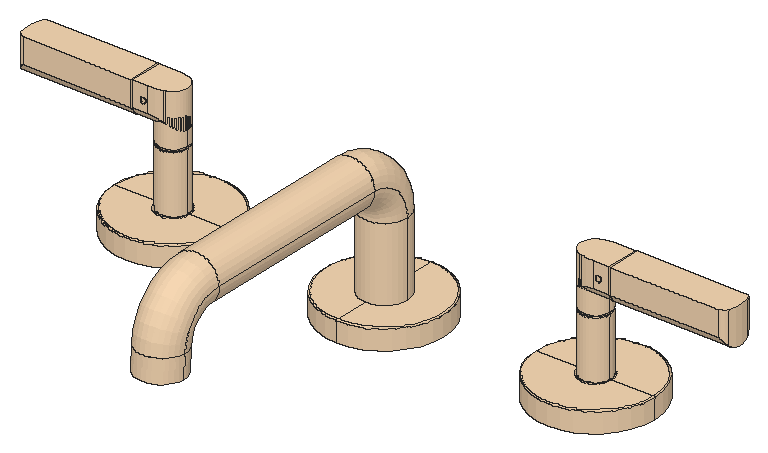
Revit family "Faucet-Lavatory-KALLISTA-One_Nazare-P23320_1", category Plumbing Fixtures, host Face, Revit 2022
Family settings
  Host = Face
  Round Connector Dimension = Use Diameter
  Part Type = Normal
  OmniClass Number = 23.31.11.00
  Cut with Voids When Loaded = No
  Maintain Annotation Orientation = No
  Shared = No
  Room Calculation Point = No
Parameters (values of type "2MB-Brushed Brass")
  Width [instance] = Faucet Hole Spacing  # 8"
  WaterSense Certified = 1 = 1  # yes
  Waste Water Outlet = "Waste Water Outlet"  # constant formula
  Waste Connection = 1 = 0  # no
  Vent Connection = 1 = 0  # no
  URL = "https://www.kallista.com/"
  Type = 4
  Spout Reach = 5.31102"  # constant formula
  Product Page URL = ""
  Product Name = "One Nazare"  # constant formula
  Product Documentation Link = "https://resources.kohler.com/interiors/kallista/pdf/1374844-4.pdf"
  Pressure = 60.00 psi  # constant formula
  Model = if(Type = 1, "P23320-LV-CP", if(Type = 2, "P23320-LV-BAF", if(Type = 3, "P23320-LV-SN", if(Type = 4, "P23320-LV-2MB", "NA"))))  # "P23320-LV-2MB"
  Material = "Premium Metal Construction"  # constant formula
  Master Format 2014 Name = "Residential Faucets, Supplies, and Trim"  # constant formula
  Master Format 2014 = "22 41 39"  # constant formula
  Manufacturer Address = "444 Highland Dr, Kohler, WI 53044"  # constant formula
  Manufacturer = "Kallista Co."  # constant formula
  Length = Spout Reach  # 5.31102"
  Hot Water Inlet = "Hot Water Inlet"  # constant formula
  Height = 3.01575"  # constant formula
  Handle Height = 2.52362"  # constant formula
  Handle Clearance = 2.72835"  # constant formula
  HW Connection = 1 = 1  # yes
  Flow Rate = 1.2 GPM  # constant formula
  Finish = Kallista-Metal-2MB- Brushed_Brass
  Faucet Hole Spacing [instance] = 8"
  Environmental Product Declaration = ""
  Drain Included = 1 = 1  # yes
  Description = "Sink Faucet, Low Spout, Lever Handles"  # constant formula
  Default Elevation = 36"
  Declare Label = ""
  Date Modified = "10/11/2024"  # constant formula
  Date Created = "01/04/2022"  # constant formula
  Copyright = "Copyright Kallista Co."  # constant formula
  Contact Us = "https://www.kallista.com/corporate/contact-us/"
  Cold Water Inlet = "Cold Water Inlet"  # constant formula
  CW Connection = 1 = 1  # yes
  Assembly Code = "D2010"
  ADA Compliant = 1 = 1  # yes
Types (5): name | Type | Product Page URL | Model | Finish
  (no name) | 4 | "" | "P23320-LV-2MB" | Kallista-Metal-2MB- Brushed_Brass
  CP-Chrome | 1 | "https://www.kallista.com/products/luxury-bathroom/faucets/sink-faucets/one-nazar%C3%A9-sink-faucet-low-spout-lever-handles-p23320-lv/cp-chrome" | "P23320-LV-CP" | Kallista-Metal-CP-Chrome
  BAF-Brushed French Gold | 2 | "https://www.kallista.com/products/luxury-bathroom/faucets/sink-faucets/one-nazar%C3%A9-sink-faucet-low-spout-lever-handles-p23320-lv/baf-brushed-french-gold" | "P23320-LV-BAF" | Kallista-Metal-BAF-Brushed_French_Gold
  SN-Polished Nickel | 3 | "https://www.kallista.com/products/luxury-bathroom/faucets/sink-faucets/one-nazar%C3%A9-sink-faucet-low-spout-lever-handles-p23320-lv/sn-polished-nickel" | "P23320-LV-SN" | Kallista-Metal-SN-Polished_Nickel
  2MB-Brushed Brass | 4 | "" | "P23320-LV-2MB" | Kallista-Metal-2MB- Brushed_Brass
Reference planes (in)
  plane 1 "Center (Front/Back)": y = 0
  plane 2: z = 0
  plane 3 "Center (Left/Right)": x = 0
  plane 4: y = 1.12598
  plane 5: x = 1.12598
  plane 6: x = -1.12598
  plane 7: x = -2.87402
  plane 8: x = -5.12598
  plane 9: y = -1.12598
  plane 10: x = -4
  plane 11: x = -6.72835
  plane 12: x = 0.44094
  plane 13: x = -0.44094
  plane 14: y = -5.74803
  plane 15: y = 0.31335
  plane 16: y = -0.31335
  plane 17: x = 2.87402
  plane 18: x = 4
  plane 19: x = 5.12598
  plane 20: x = 6.72835
  plane 21: z = 2.52362
  plane 22: z = 0
  plane 23: z = 1.80709
  plane 24: z = 0.3937
  plane 25: x = 3.71999
  plane 26: x = 4.28001
  plane 27: x = -4.28001
  plane 28: x = -3.71999
  plane 29: y = -0.44094
  plane 30: y = 0.44094
  plane 31: z = 2.13386
  plane 32: y = -5.31102
  plane 33: z = 1.3622
  plane 34: z = 3.01575
Dimensions and locks (in)
  equal spacing: plane 10, plane 3 "Center (Left/Right)", plane 18
  locked: plane 24 to level at 0.3937
  "Length": plane 1 "Center (Front/Back)" to plane 32
  "Handle Height": plane 21 to level
  "Handle Clearance": plane 11 to plane 10
  "Handle Clearance": plane 18 to plane 20
  plane 4 to plane 9 = 2.25197"
  locked: plane 17 to plane 19 at 2.25197
  locked: plane 8 to plane 7 at 2.25197
  locked: plane 6 to plane 5 at 2.25197
  plane 4 to plane 14 = 6.87402"
  "Width": plane 10 to plane 18
  "Height": level to plane 34
  plane 1 "Center (Front/Back)" to plane 14 = 5.74803"
  plane 33 to level = 1.3622"
  plane 21 to plane 23 = 0.71654"
  plane 23 to level = 1.80709"
  plane 13 to plane 12 = 0.88189"
  equal spacing: plane 8, plane 10, plane 7
  equal spacing: plane 17, plane 18, plane 19
  equal spacing: plane 27, plane 10, plane 28
  equal spacing: plane 25, plane 18, plane 26
  locked: plane 26 to plane 25 at 0.56002
  locked: plane 27 to plane 28 at 0.56002
  aligned and locked: plane 2 to host face
  aligned and locked: level to host face
  aligned and locked: nested 2 to plane 10
  aligned and locked: nested 3 to plane 18
  aligned and locked: plane 3 "Center (Left/Right)" to nested 1
  aligned and locked: plane 1 "Center (Front/Back)" to nested 1
Automatic sketch dimensions
  host sketch curve to host sketch curve = 96"  (x2)
Nested families (in)
  nested 1: "P23320_Spout" at (0, 0, 0), type "P23320_Spout"
  nested 2: "P23320_Handle" at (-4, 0, 0), type "P23320_Handle"
  nested 3: "P23320_Handle" at (4, 0, 0) x (-1, 0, 0) z (0, 0, 1), type "P23320_Handle"
Connectors (in)
  piping at (-4, 0, 0), diameter 0.5, driven by "Flow Rate", driven by "Pressure", driven by "HW Connection", driven by "Hot Water Inlet"
    settings: on nested 2, index 1, connector inside diameter 24", connector length 0", flow factor 0, pipe flow 1.2 GPM, pressure drop 60.00 psi, fitting loss kfactor 0, connector angle 0.00°, fixture units 0, engagement length 0", angle of deflection 0.00°, flow configuration 1, flow direction 1, fitting loss method 4, system type 19, joint type 0, gender type 0, connector reference index -1, connector utility 1, adjustable connector no, is connector primary yes, connector description "Hot Water Inlet"
  piping at (4, 0, 0), diameter 0.5, driven by "Flow Rate", driven by "Pressure", driven by "CW Connection", driven by "Cold Water Inlet"
    settings: on nested 3, index 2, connector inside diameter 24", connector length 0", flow factor 0, pipe flow 1.2 GPM, pressure drop 60.00 psi, fitting loss kfactor 0, connector angle 0.00°, fixture units 0, engagement length 0", angle of deflection 0.00°, flow configuration 1, flow direction 1, fitting loss method 4, system type 20, joint type 0, gender type 0, connector reference index -1, connector utility 1, adjustable connector no, is connector primary no, connector description "Cold Water Inlet"
Definition of nested family "P23320_Spout"
  Parameters (values of type "P23320_Spout")
    Material = none
    Default Elevation = 0"
  Reference planes (in)
    plane 1 "Center (Front/Back)": y = 0
    plane 2: z = 0
    plane 3 "Center (Left/Right)": x = 0
    plane 4: x = 0.44094
    plane 5: x = -0.44094
    plane 6: x = -1.12598
    plane 7: x = 1.12598
    plane 8: y = 1.12598
    plane 9: y = -1.12598
    plane 10: y = -5.74803
    plane 11: z = 3.01575
    plane 12: z = 1.3622
    plane 13: y = -5.31102
    plane 14: z = 0.3937
    plane 15: y = 0.44094
    plane 16: y = -0.44094
    plane 17: z = 2.13386
    plane 18 "1": through (0, -5.72695, 1.38614) normal (0, -0.0523, -0.9986)
  Forms (in)
    Sweep 1, solid, material <- "Material", detail levels medium+fine
      path origin (0, -0.07639, -0.02763) x (0, 1, 0) y (0, 0, 1)
        loop
          line (-5.23168, 1.38763) -> (-5.20906, 1.81919)
          arc (-5.20906, 1.81919) -> (-4.9545, 2.37138) -> (-4.38976, 2.59669) r 0.82043
          line (-4.38976, 2.59669) -> (-0.71101, 2.59669)
          arc (-0.71101, 2.59669) -> (-0.15423, 2.36606) -> (0.07639, 1.80928) r 0.7874
          line (0.07639, 1.80928) -> (0.07639, 0.42133)
      profile origin (0, 0, 1.08768) x (1, 0, 0) y (0, 1, 0)
        loop
          circle (0, 0) r 0.44094
    Revolve 2, solid, material <- "Material", detail levels medium+fine
      sketch origin (0, 0, 0) x (0, 1, 0) y (0, 0, 1)
        loop
          line (0, 0) -> (1.12598, 0) -> (1.12598, 0.37402)
          arc (1.12598, 0.37402) -> (1.12022, 0.38794) -> (1.1063, 0.3937) r 0.01969
          line (1.1063, 0.3937) -> (0, 0.3937) -> (0, 0)
        axis (0, 0) -> (0, 0.3937)
      angle from 0 to 360
    Revolve 3, solid, material <- "Material", detail levels coarse
      sketch origin (0, 0, 0) x (0, 1, 0) y (0, 0, 1)
        loop
          line (0, 0) -> (1.12598, 0) -> (1.12598, 0.3937) -> (0, 0.3937) -> (0, 0)
        axis (0, 0) -> (0, 0.3937)
      angle from 0 to 360
    Sweep 4, solid, material <- "Material", detail levels coarse
      path origin (0, -0.07639, -0.02763) x (0, 1, 0) y (0, 0, 1)
        loop
          line (-5.23168, 1.38763) -> (-5.21173, 1.76822)
          arc (-5.21173, 1.76822) -> (-4.94048, 2.3566) -> (-4.33871, 2.59669) r 0.87422
          line (-4.33871, 2.59669) -> (-0.84871, 2.59669)
          arc (-0.84871, 2.59669) -> (-0.19456, 2.32573) -> (0.07639, 1.67158) r 0.9251
          line (0.07639, 1.67158) -> (0.07639, 0.42133)
      profile origin (0, 0, 1.01883) x (1, 0, 0) y (0, 1, 0)
        loop
          circle (0, 0) r 0.44094
    Extrusion 5, solid, detail levels medium+fine
      sketch origin (0, 0.05676, 1.08303) x (0, -0.99863, 0.052336) y (-1, 0, 0)
        loop
          line (5.32064, 0.3631) -> (5.32765, 0.32436)
          arc (5.32765, 0.32436) -> (5.38591, 0.32963) -> (5.44418, 0.32452) r 0.32963
          line (5.44418, 0.32452) -> (5.45109, 0.36328)
          arc (5.45109, 0.36328) -> (5.38585, 0.369) -> (5.32064, 0.3631) r 0.369
        loop
          arc (5.57456, 0.27063) -> (5.61944, 0.2331) -> (5.65697, 0.18822) r 0.32963
          line (5.65697, 0.18822) -> (5.68929, 0.2107)
          arc (5.68929, 0.2107) -> (5.64727, 0.26094) -> (5.59704, 0.30295) r 0.369
          line (5.59704, 0.30295) -> (5.57456, 0.27063)
        loop
          arc (5.71074, 0.05861) -> (5.71599, -0.00011) -> (5.7107, -0.05883) r 0.32963
          line (5.7107, -0.05883) -> (5.74944, -0.06585)
          arc (5.74944, -0.06585) -> (5.75536, -0.00027) -> (5.74954, 0.06532) r 0.369
          line (5.74954, 0.06532) -> (5.71074, 0.05861)
        loop
          arc (5.65722, -0.18786) -> (5.61907, -0.23346) -> (5.57335, -0.27146) r 0.32963
          line (5.57335, -0.27146) -> (5.59682, -0.3031)
          arc (5.59682, -0.3031) -> (5.64735, -0.26086) -> (5.68957, -0.2103) r 0.369
          line (5.68957, -0.2103) -> (5.65722, -0.18786)
        loop
          arc (5.44482, -0.3244) -> (5.38562, -0.32963) -> (5.32645, -0.32414) r 0.32963
          line (5.32645, -0.32414) -> (5.31929, -0.36285)
          arc (5.31929, -0.36285) -> (5.38638, -0.369) -> (5.45346, -0.36285) r 0.369
          line (5.45346, -0.36285) -> (5.44482, -0.3244)
        loop
          arc (5.19798, -0.27049) -> (5.15267, -0.23247) -> (5.11489, -0.18697) r 0.32963
          line (5.11489, -0.18697) -> (5.08247, -0.2093)
          arc (5.08247, -0.2093) -> (5.12479, -0.26027) -> (5.17554, -0.30284) r 0.369
          line (5.17554, -0.30284) -> (5.19798, -0.27049)
        loop
          arc (5.06219, -0.05973) -> (5.05673, -0.00007) -> (5.06216, 0.05959) r 0.32963
          line (5.06216, 0.05959) -> (5.02344, 0.06671)
          arc (5.02344, 0.06671) -> (5.01736, -0.00008) -> (5.02347, -0.06686) r 0.369
          line (5.02347, -0.06686) -> (5.06219, -0.05973)
        loop
          arc (5.11462, 0.18658) -> (5.15305, 0.23286) -> (5.19925, 0.27138) r 0.32963
          line (5.19925, 0.27138) -> (5.17691, 0.30379)
          arc (5.17691, 0.30379) -> (5.15016, 0.28349) -> (5.12537, 0.26085) r 0.369
          arc (5.12537, 0.26085) -> (5.10258, 0.23585) -> (5.08217, 0.20887) r 0.369
          line (5.08217, 0.20887) -> (5.11462, 0.18658)
      from -0.10785 to -0.00839
    Revolve 6, solid, detail levels medium+fine
      sketch origin (0, 0, 0) x (0, 1, 0) y (0, 0, 1)
        loop
          line (-5.31469, 1.42505) -> (-5.04463, 1.41089)
          arc (-5.04463, 1.41089) -> (-5.02213, 1.41967) -> (-5.01385, 1.44235) r 0.02932
          line (-5.01385, 1.44235) -> (-5.31296, 1.45802) -> (-5.31469, 1.42505)
        axis (-5.31296, 1.45802) -> (-5.31503, 1.41871)
      angle from 0 to 360
    Extrusion 7, solid, detail levels medium+fine
      sketch origin (0, 0.05676, 1.08303) x (0, -0.99863, 0.052336) y (-1, 0, 0)
        loop
          arc (5.32064, 0.3631) -> (5.24561, 0.3411) -> (5.17691, 0.30379) r 0.369
          line (5.17691, 0.30379) -> (5.19925, 0.27138)
          arc (5.19925, 0.27138) -> (5.26063, 0.30471) -> (5.32765, 0.32436) r 0.32963
          line (5.32765, 0.32436) -> (5.32064, 0.3631)
        loop
          arc (5.44418, 0.32452) -> (5.51229, 0.30463) -> (5.57456, 0.27063) r 0.32963
          line (5.57456, 0.27063) -> (5.59704, 0.30295)
          arc (5.59704, 0.30295) -> (5.52733, 0.34101) -> (5.45109, 0.36328) r 0.369
          line (5.45109, 0.36328) -> (5.44418, 0.32452)
        loop
          line (5.68929, 0.2107) -> (5.65697, 0.18822)
          arc (5.65697, 0.18822) -> (5.69083, 0.12631) -> (5.71074, 0.05861) r 0.32963
          line (5.71074, 0.05861) -> (5.74954, 0.06532)
          arc (5.74954, 0.06532) -> (5.72725, 0.14126) -> (5.68929, 0.2107) r 0.369
        loop
          line (5.74944, -0.06585) -> (5.7107, -0.05883)
          arc (5.7107, -0.05883) -> (5.69087, -0.12621) -> (5.65722, -0.18786) r 0.32963
          line (5.65722, -0.18786) -> (5.68957, -0.2103)
          arc (5.68957, -0.2103) -> (5.72724, -0.14128) -> (5.74944, -0.06585) r 0.369
        loop
          line (5.59682, -0.3031) -> (5.57335, -0.27146)
          arc (5.57335, -0.27146) -> (5.51191, -0.30479) -> (5.44482, -0.3244) r 0.32963
          line (5.44482, -0.3244) -> (5.45346, -0.36285)
          arc (5.45346, -0.36285) -> (5.52832, -0.3406) -> (5.59682, -0.3031) r 0.369
        loop
          line (5.31929, -0.36285) -> (5.32645, -0.32414)
          arc (5.32645, -0.32414) -> (5.25935, -0.30418) -> (5.19798, -0.27049) r 0.32963
          line (5.19798, -0.27049) -> (5.17554, -0.30284)
          arc (5.17554, -0.30284) -> (5.24421, -0.34052) -> (5.31929, -0.36285) r 0.369
        loop
          line (5.08247, -0.2093) -> (5.11489, -0.18697)
          arc (5.11489, -0.18697) -> (5.08182, -0.12613) -> (5.06219, -0.05973) r 0.32963
          line (5.06219, -0.05973) -> (5.02347, -0.06686)
          arc (5.02347, -0.06686) -> (5.04545, -0.1412) -> (5.08247, -0.2093) r 0.369
        loop
          line (5.02344, 0.06671) -> (5.06216, 0.05959)
          arc (5.06216, 0.05959) -> (5.0817, 0.12585) -> (5.11462, 0.18658) r 0.32963
          line (5.11462, 0.18658) -> (5.08217, 0.20887)
          arc (5.08217, 0.20887) -> (5.04532, 0.14088) -> (5.02344, 0.06671) r 0.369
      from -0.10785 to -0.02914
    Extrusion 8, void
      sketch origin (0, 0.05676, 1.08303) x (0, -0.99863, 0.052336) y (-1, 0, 0)
        loop
          line (5.21644, 0.16653) -> (5.23204, 0.13952) -> (5.26323, 0.13952) -> (5.27882, 0.16653) -> (5.26323, 0.19355) -> (5.23204, 0.19355) -> (5.21644, 0.16653)
        loop
          line (5.31212, 0.19729) -> (5.32771, 0.17028) -> (5.3589, 0.17028) -> (5.37449, 0.19729) -> (5.3589, 0.2243) -> (5.32771, 0.2243) -> (5.31212, 0.19729)
        loop
          line (5.41371, 0.16653) -> (5.4293, 0.13952) -> (5.46049, 0.13952) -> (5.47608, 0.16653) -> (5.46049, 0.19355) -> (5.4293, 0.19355) -> (5.41371, 0.16653)
        loop
          line (5.16438, 0.07579) -> (5.17998, 0.04878) -> (5.21117, 0.04878) -> (5.22676, 0.07579) -> (5.21117, 0.1028) -> (5.17998, 0.1028) -> (5.16438, 0.07579)
        loop
          line (5.26884, 0.07579) -> (5.28443, 0.04878) -> (5.31562, 0.04878) -> (5.33122, 0.07579) -> (5.31562, 0.1028) -> (5.28443, 0.1028) -> (5.26884, 0.07579)
        loop
          line (5.37362, 0.07579) -> (5.38921, 0.04878) -> (5.4204, 0.04878) -> (5.436, 0.07579) -> (5.4204, 0.1028) -> (5.38921, 0.1028) -> (5.37362, 0.07579)
        loop
          line (5.51706, 0.10039) -> (5.53265, 0.07338) -> (5.56384, 0.07338) -> (5.57943, 0.10039) -> (5.56384, 0.12741) -> (5.53265, 0.12741) -> (5.51706, 0.10039)
        loop
          line (5.25165, -0.02623) -> (5.26724, -0.05324) -> (5.29843, -0.05324) -> (5.31403, -0.02623) -> (5.29843, 0.00078) -> (5.26724, 0.00078) -> (5.25165, -0.02623)
        loop
          line (5.42543, -0.00778) -> (5.44102, -0.03479) -> (5.47221, -0.03479) -> (5.48781, -0.00778) -> (5.47221, 0.01924) -> (5.44102, 0.01924) -> (5.42543, -0.00778)
        loop
          line (5.52288, -0.00778) -> (5.53848, -0.03479) -> (5.56967, -0.03479) -> (5.58526, -0.00778) -> (5.56967, 0.01924) -> (5.53848, 0.01924) -> (5.52288, -0.00778)
        loop
          line (5.18655, -0.08856) -> (5.20215, -0.11558) -> (5.23333, -0.11558) -> (5.24893, -0.08856) -> (5.23333, -0.06155) -> (5.20215, -0.06155) -> (5.18655, -0.08856)
        loop
          line (5.34196, -0.08856) -> (5.35755, -0.11558) -> (5.38874, -0.11558) -> (5.40434, -0.08856) -> (5.38874, -0.06155) -> (5.35755, -0.06155) -> (5.34196, -0.08856)
        loop
          line (5.47737, -0.11317) -> (5.49297, -0.14018) -> (5.52416, -0.14018) -> (5.53975, -0.11317) -> (5.52416, -0.08616) -> (5.49297, -0.08616) -> (5.47737, -0.11317)
        loop
          line (5.26826, -0.17827) -> (5.28386, -0.20528) -> (5.31505, -0.20528) -> (5.33064, -0.17827) -> (5.31505, -0.15125) -> (5.28386, -0.15125) -> (5.26826, -0.17827)
        loop
          line (5.38061, -0.19672) -> (5.3962, -0.22373) -> (5.42739, -0.22373) -> (5.44299, -0.19672) -> (5.42739, -0.16971) -> (5.3962, -0.16971) -> (5.38061, -0.19672)
      from -0.10785 to 0.04903
    Extrusion 9, void
      sketch origin (0, 0.05676, 1.08303) x (0, -0.99863, 0.052336) y (-1, 0, 0)
        loop
          circle (5.38636, 0) r 0.369
      from -0.10785 to 0.06305
  Cuts and joins
    Extrusion 9 cuts Sweep 1
    joined: Sweep 1, Revolve 2
    joined: Revolve 3, Sweep 4
    Extrusion 8 cuts Revolve 6
    joined: Extrusion 5, Revolve 6, Extrusion 7
  Lines and regions (in)
    Masking region 1
      outline origin (0, 0, 0) x (1, 0, 0) y (0, 1, 0)
        loop
          arc (0.44094, -1.03605) -> (0.93924, -0.62102) -> (1.12598, 0) r 1.12598
          arc (1.12598, 0) -> (0.79619, 0.79619) -> (0, 1.12598) r 1.12598
          arc (0, 1.12598) -> (-0.79619, 0.79619) -> (-1.12598, 0) r 1.12598
          arc (-1.12598, 0) -> (-0.93924, -0.62102) -> (-0.44094, -1.03605) r 1.12598
          line (-0.44094, -1.03605) -> (-0.44094, -5.30296)
          arc (-0.44094, -5.30296) -> (0, -5.74391) -> (0.44094, -5.30296) r 0.44094
          line (0.44094, -5.30296) -> (0.44094, -1.03605)
    Masking region 2
      outline origin (0, 0, 0) x (1, 0, 0) y (0, 0, 1)
        loop
          arc (-1.10236, 0.3937) -> (-1.11907, 0.38678) -> (-1.12598, 0.37008) r 0.02362
          line (-1.12598, 0.37008) -> (-1.12598, 0) -> (1.12598, 0) -> (1.12598, 0.37008)
          arc (1.12598, 0.37008) -> (1.11907, 0.38678) -> (1.10236, 0.3937) r 0.02362
          line (1.10236, 0.3937) -> (0.44094, 0.3937) -> (0.44094, 2.5748)
          arc (0.44094, 2.5748) -> (0.3118, 2.88659) -> (0, 3.01574) r 0.44094
          arc (0, 3.01574) -> (-0.3118, 2.88659) -> (-0.44094, 2.5748) r 0.44094
          line (-0.44094, 2.5748) -> (-0.44094, 0.3937) -> (-1.10236, 0.3937)
    Masking region 3
      outline origin (0, 0, 0) x (0, 1, 0) y (0, 0, 1)
        loop
          line (1.12598, 0) -> (1.12598, 0.37402)
          arc (1.12598, 0.37402) -> (1.12022, 0.38794) -> (1.1063, 0.3937) r 0.01969
          line (1.1063, 0.3937) -> (0.44094, 0.3937) -> (0.44094, 1.75591)
          arc (0.44094, 1.75591) -> (0.07195, 2.64675) -> (-0.8189, 3.01575) r 1.25984
          line (-0.8189, 3.01575) -> (-4.43135, 3.01575)
          arc (-4.43135, 3.01575) -> (-5.3252, 2.65914) -> (-5.72811, 1.78517) r 1.29854
          line (-5.72811, 1.78517) -> (-5.74781, 1.4093)
          arc (-5.74781, 1.4093) -> (-5.74217, 1.3934) -> (-5.72695, 1.38614) r 0.02204
          line (-5.72695, 1.38614) -> (-4.90245, 1.34293)
          arc (-4.90245, 1.34293) -> (-4.88781, 1.34812) -> (-4.88112, 1.36214) r 0.0203
          line (-4.88112, 1.36214) -> (-4.86544, 1.66131)
          arc (-4.86544, 1.66131) -> (-4.84341, 1.80105) -> (-4.79299, 1.93323) r 0.68127
          arc (-4.79299, 1.93323) -> (-4.66757, 2.07394) -> (-4.48886, 2.13386) r 0.36712
          line (-4.48886, 2.13386) -> (-0.83465, 2.13386)
          arc (-0.83465, 2.13386) -> (-0.55626, 2.01855) -> (-0.44094, 1.74016) r 0.3937
          line (-0.44094, 1.74016) -> (-0.44094, 0.3937) -> (-1.1063, 0.3937)
          arc (-1.1063, 0.3937) -> (-1.12022, 0.38794) -> (-1.12598, 0.37402) r 0.01969
          line (-1.12598, 0.37402) -> (-1.12598, 0) -> (1.12598, 0)
    symbolic lines, detail levels medium+fine
      curve 1: arc (0.44094, 0, 0) -> (0, 0.44094, 0) -> (-0.44094, 0, 0) r 0.44094
      curve 2: line (-0.44094, 0, 0) -> (-0.44094, -1.03605, 0)
      curve 3: line (0.44094, 0, 0) -> (0.44094, -1.03605, 0)
      curve 4: line (-0.44094, 0, 0.3937) -> (0.44094, 0, 0.3937)
      curve 5: line (0, 0.44094, 0.3937) -> (0, -0.44094, 0.3937)
      curve 6: spline (0.44094, 0, 1.36) -> (0.42592, 0, 1.36597) -> (0.38187, 0, 1.37154) -> (0.3118, 0, 1.37632) -> (0.22047, 0, 1.37999) -> (0.11412, 0, 1.38229) -> (0, 0, 1.38308) -> (-0.11412, 0, 1.38229) -> (-0.22047, 0, 1.37999) -> (-0.3118, 0, 1.37632) -> (-0.38187, 0, 1.37154) -> (-0.42592, 0, 1.36597) -> (-0.44094, 0, 1.36)
      curve 7: spline (-0.44094, 0, 1.36) -> (-0.42592, 0, 1.35403) -> (-0.38187, 0, 1.34846) -> (-0.3118, 0, 1.34368) -> (-0.22047, 0, 1.34001) -> (-0.11412, 0, 1.33771) -> (0, 0, 1.33692) -> (0.11412, 0, 1.33771) -> (0.22047, 0, 1.34001) -> (0.3118, 0, 1.34368) -> (0.38187, 0, 1.34846) -> (0.42592, 0, 1.35403) -> (0.44094, 0, 1.36)
      curve 8: spline (0, 0, 1.3394) -> (-0.1019, 0, 1.3401) -> (-0.19685, 0, 1.34216) -> (-0.27839, 0, 1.34543) -> (-0.34095, 0, 1.3497) -> (-0.38029, 0, 1.35467) -> (-0.3937, 0, 1.36) -> (-0.38029, 0, 1.36533) -> (-0.34095, 0, 1.3703) -> (-0.27839, 0, 1.37457) -> (-0.19685, 0, 1.37784) -> (-0.1019, 0, 1.3799) -> (0, 0, 1.3806)
      curve 9: spline (0, 0, 1.3806) -> (0.1019, 0, 1.3799) -> (0.19685, 0, 1.37784) -> (0.27839, 0, 1.37457) -> (0.34095, 0, 1.3703) -> (0.38029, 0, 1.36533) -> (0.3937, 0, 1.36) -> (0.38029, 0, 1.35467) -> (0.34095, 0, 1.3497) -> (0.27839, 0, 1.34543) -> (0.19685, 0, 1.34216) -> (0.1019, 0, 1.3401) -> (0, 0, 1.3394)
      curve 10: line (0, -4.84361, 1.79721) -> (0, -5.72495, 1.8434)
      curve 11: line (0, -4.48886, 2.13386) -> (0, -4.48886, 3.01575)
      curve 12: line (0, -0.83465, 2.13386) -> (0, -0.83465, 3.01565)
      curve 13: line (0, -0.44094, 1.74016) -> (0, 0.44085, 1.74016)
      curve 14: line (0, 1.12598, 0.37402) -> (0, -1.12598, 0.37402)
      curve 15: arc (-0.44094, 0, 1.78805) -> (0, 0, 1.81173) -> (0.44094, 0, 1.78805) r 4.11681
      curve 16: line (-1.12598, 0, 0.37008) -> (1.12598, 0, 0.37008)
      curve 17: line (-0.44094, -0.8392, 0) -> (0.44094, -0.8392, 0)
      curve 18: line (-0.44094, -4.32677, 0) -> (0.44094, -4.32677, 0)
      curve 19: arc (0, 1.10236, 0) -> (-1.07911, 0.22522, 0) -> (-0.44094, -1.01033, 0) r 1.10236
      curve 20: arc (0.44094, -1.01033, 0) -> (1.07911, 0.22522, 0) -> (0, 1.10236, 0) r 1.10236
      curve 21: spline (-0.26085, 0, 1.35964) -> (-0.25756, 0, 1.35948) -> (-0.25424, 0, 1.35931) -> (-0.25087, 0, 1.35914) -> (-0.24746, 0, 1.35898) -> (-0.24402, 0, 1.35882) -> (-0.24053, 0, 1.35866) -> (-0.23701, 0, 1.3585) -> (-0.23346, 0, 1.35835) -> (-0.22986, 0, 1.3582) -> (-0.22623, 0, 1.35805) -> (-0.22257, 0, 1.3579) -> (-0.21887, 0, 1.35776)
      curve 22: spline (-0.30379, 0, 1.36234) -> (-0.30058, 0, 1.3621) -> (-0.2973, 0, 1.36186) -> (-0.29395, 0, 1.36163) -> (-0.29053, 0, 1.3614) -> (-0.28704, 0, 1.36117) -> (-0.28349, 0, 1.36094) -> (-0.27988, 0, 1.36072) -> (-0.2762, 0, 1.3605) -> (-0.27245, 0, 1.36028) -> (-0.26865, 0, 1.36007) -> (-0.26478, 0, 1.35985) -> (-0.26085, 0, 1.35964)
      curve 23: spline (-0.18658, 0, 1.35908) -> (-0.19477, 0, 1.35939) -> (-0.20278, 0, 1.3597) -> (-0.2106, 0, 1.36003) -> (-0.21822, 0, 1.36037) -> (-0.22565, 0, 1.36073) -> (-0.23286, 0, 1.36109) -> (-0.23985, 0, 1.36147) -> (-0.24663, 0, 1.36186) -> (-0.25317, 0, 1.36226) -> (-0.25948, 0, 1.36267) -> (-0.26555, 0, 1.36308) -> (-0.27138, 0, 1.36351)
      curve 24: line (-0.27138, 0, 1.36351) -> (-0.30379, 0, 1.36234)
      curve 25: line (-0.18658, 0, 1.35908) -> (-0.18658, 0, 1.37814)
      curve 26: line (-0.21887, 0, 1.35776) -> (-0.21887, 0, 1.37713)
      curve 27: line (-0.27138, 0, 1.36351) -> (-0.27138, 0, 1.37493)
      curve 28: line (-0.30379, 0, 1.36234) -> (-0.30379, 0, 1.37311)
      curve 29: spline (0.02974, 0, 1.35612) -> (0.02229, 0, 1.35609) -> (0.01482, 0, 1.35607) -> (0.00735, 0, 1.35606) -> (-0.00012, 0, 1.35605) -> (-0.00759, 0, 1.35606) -> (-0.01506, 0, 1.35607) -> (-0.02253, 0, 1.35609) -> (-0.02998, 0, 1.35612) -> (-0.03741, 0, 1.35616) -> (-0.04483, 0, 1.35621) -> (-0.05222, 0, 1.35627) -> (-0.05959, 0, 1.35634)
      curve 30: spline (-0.09362, 0, 1.35462) -> (-0.08051, 0, 1.35446) -> (-0.06729, 0, 1.35432) -> (-0.05399, 0, 1.3542) -> (-0.04061, 0, 1.35411) -> (-0.02718, 0, 1.35404) -> (-0.01371, 0, 1.35401) -> (-0.00022, 0, 1.35399) -> (0.01327, 0, 1.354) -> (0.02674, 0, 1.35404) -> (0.04017, 0, 1.35411) -> (0.05355, 0, 1.3542) -> (0.06686, 0, 1.35431)
      curve 31: line (-0.05959, 0, 1.38037) -> (-0.05959, 0, 1.35634)
      curve 32: line (-0.09362, 0, 1.35462) -> (-0.09362, 0, 1.38001)
      curve 33: line (0.06686, 0, 1.35431) -> (0.06686, 0, 1.38031)
      curve 34: line (0.02974, 0, 1.35612) -> (0.02974, 0, 1.38055)
      curve 35: line (0.16698, 0, 1.37866) -> (0.16698, 0, 1.35843)
      curve 36: line (0.2093, 0, 1.3574) -> (0.2093, 0, 1.37745)
      curve 37: line (0.25973, 0, 1.35959) -> (0.25973, 0, 1.37548)
      curve 38: line (0.30284, 0, 1.36227) -> (0.30284, 0, 1.37317)
      curve 39: spline (0.2093, 0, 1.3574) -> (0.21831, 0, 1.35773) -> (0.22713, 0, 1.35808) -> (0.23574, 0, 1.35845) -> (0.24413, 0, 1.35882) -> (0.25231, 0, 1.35921) -> (0.26027, 0, 1.35961) -> (0.26799, 0, 1.36003) -> (0.27547, 0, 1.36045) -> (0.2827, 0, 1.36089) -> (0.28967, 0, 1.36134) -> (0.29639, 0, 1.3618) -> (0.30284, 0, 1.36227)
      curve 40: spline (0.27049, 0, 1.36345) -> (0.26355, 0, 1.36294) -> (0.25627, 0, 1.36245) -> (0.24865, 0, 1.36198) -> (0.24072, 0, 1.36152) -> (0.23247, 0, 1.36107) -> (0.22392, 0, 1.36064) -> (0.21509, 0, 1.36023) -> (0.20597, 0, 1.35984) -> (0.19659, 0, 1.35946) -> (0.18696, 0, 1.3591) -> (0.17708, 0, 1.35875) -> (0.16698, 0, 1.35843)
      curve 41: line (0.30284, 0, 1.36227) -> (0.27049, 0, 1.36345)
      curve 42: line (-0.18658, 0, 1.35908) -> (-0.21887, 0, 1.35776)
      curve 43: line (-0.09362, 0, 1.35462) -> (-0.05959, 0, 1.35634)
      curve 44: line (0.02974, 0, 1.35612) -> (0.06686, 0, 1.35431)
      curve 45: line (0.2093, 0, 1.3574) -> (0.16698, 0, 1.35843)
  Dimensions and locks (in)
    locked: plane 10 to plane 8 at 6.87402
    locked: plane 6 to plane 7 at 2.25197
    locked: plane 9 to plane 8 at 2.25197
    locked: plane 11 to level at 3.01575  (x2)
    locked: plane 12 to level at 1.3622
    locked: plane 1 "Center (Front/Back)" to plane 10 at 5.74803
    locked: plane 1 "Center (Front/Back)" to plane 13 at 5.31102
    locked: level to plane 14 at 0.3937
    locked: plane 4 to plane 5 at 0.88189
    aligned and locked: level to plane 2
Definition of nested family "P23320_Handle"
  Parameters (values of type "P23320_Handle")
    Material = none
    Default Elevation = 0"
  Reference planes (in)
    plane 1 "Center (Front/Back)": y = 0
    plane 2: z = 0
    plane 3 "Center (Left/Right)": x = 0
    plane 4: x = 0
    plane 5: x = -2.72835
    plane 6: x = -1.12598
    plane 7: x = 1.12598
    plane 8: y = 1.12598
    plane 9: y = -1.12598
    plane 10: z = 1.80709
    plane 11: z = 2.52362
    plane 12: z = 0.3937
    plane 13: y = 0.31335
    plane 14: y = -0.31335
    plane 15: x = -0.28001
    plane 16: x = 0.28001
  Forms (in)
    Revolve 1, solid, material <- "Material", detail levels medium+fine
      sketch origin (0, 0, 0) x (1, 0, 0) y (0, 0, 1)
        loop
          line (0, 0) -> (0, 2.07226) -> (-0.27976, 2.07226) -> (-0.27976, 1.52969)
          arc (-0.27976, 1.52969) -> (-0.27399, 1.51577) -> (-0.26007, 1.51) r 0.01969
          arc (-0.26007, 1.51) -> (-0.27399, 1.50423) -> (-0.27976, 1.49031) r 0.01969
          line (-0.27976, 1.49031) -> (-0.27976, 0.3937) -> (-0.27976, 0.34166) -> (-0.29157, 0.30921) -> (-0.29157, 0.3726)
          arc (-0.29157, 0.3726) -> (-0.29775, 0.38752) -> (-0.31267, 0.3937) r 0.0211
          line (-0.31267, 0.3937) -> (-1.1063, 0.3937)
          arc (-1.1063, 0.3937) -> (-1.12022, 0.38794) -> (-1.12598, 0.37402) r 0.01969
          line (-1.12598, 0.37402) -> (-1.12598, 0) -> (0, 0)
        axis (0, 0) -> (0, 2.07226)
      angle from 0 to 360
    Extrusion 2, solid, material <- "Material", detail levels medium+fine
      sketch origin (0, 0, 0) x (1, 0, 0) y (0, 1, 0)
        loop
          circle (0, 0) r 0.25
      from 0 to 0.04915
    Extrusion 3, solid, material <- "Material", detail levels medium+fine
      sketch origin (0, 0, 0) x (1, 0, 0) y (0, 1, 0)
        loop
          arc (0.07816, 0.26862) -> (0.06077, 0.27359) -> (0.04333, 0.27838) r 1.85399
          arc (0.04333, 0.27838) -> (-0.08736, 0.30457) -> (-0.22036, 0.31335) r 1.01181
          line (-0.22036, 0.31335) -> (-2.58143, 0.31335)
          arc (-2.58143, 0.31335) -> (-2.66037, 0.28717) -> (-2.70802, 0.21902) r 0.1321
          arc (-2.70802, 0.21902) -> (-2.74, 0.00079) -> (-2.70847, -0.2175) r 0.76598
          arc (-2.70847, -0.2175) -> (-2.66022, -0.28674) -> (-2.58012, -0.31335) r 0.13386
          line (-2.58012, -0.31335) -> (-0.22036, -0.31335)
          arc (-0.22036, -0.31335) -> (-0.08736, -0.30457) -> (0.04333, -0.27838) r 1.01181
          arc (0.04333, -0.27838) -> (0.06077, -0.27359) -> (0.07816, -0.26862) r 1.85399
          arc (0.07816, -0.26862) -> (0.27976, 0) -> (0.07816, 0.26862) r 0.27976
      from 1.81 to 2.52
    Extrusion 4, void
      sketch origin (0, 0, 0) x (0, 1, 0) y (0, 0, 1)
        loop
          line (0.43044, 2.15052) -> (0.33619, 2.15052)
          arc (0.33619, 2.15052) -> (0.27495, 1.97059) -> (0.12815, 1.84986) r 0.34721
          arc (0.12815, 1.84986) -> (0, 1.82315) -> (-0.12815, 1.84986) r 0.32074
          arc (-0.12815, 1.84986) -> (-0.27495, 1.97059) -> (-0.33619, 2.15052) r 0.34721
          line (-0.33619, 2.15052) -> (-0.43044, 2.15052) -> (-0.43044, 1.71114) -> (0.43044, 1.71114) -> (0.43044, 2.15052)
      from -2.96352 to 0.54766
    Extrusion 5, void
      sketch origin (0, 0, 0) x (0, 1, 0) y (0, 0, 1)
        loop
          line (0.35272, 2.55937) -> (-0.35272, 2.55937) -> (-0.35272, 2.036)
          arc (-0.35272, 2.036) -> (-0.26687, 1.89895) -> (-0.13246, 1.80901) r 0.38658
          spline (-0.13246, 1.80901) -> (-0.11127, 1.80135) -> (-0.0896, 1.79504) -> (-0.06754, 1.7901) -> (-0.04519, 1.78655) -> (-0.02264, 1.78441) -> (0, 1.78369) -> (0.02265, 1.78441) -> (0.04519, 1.78655) -> (0.06754, 1.7901) -> (0.0896, 1.79504) -> (0.11128, 1.80135) -> (0.13246, 1.80901)
          arc (0.13246, 1.80901) -> (0.26687, 1.89895) -> (0.35272, 2.036) r 0.38658
          line (0.35272, 2.036) -> (0.35272, 2.55937)
        loop
          line (0.27398, 2.48063) -> (-0.27398, 2.48063) -> (-0.27398, 2.0507)
          arc (-0.27398, 2.0507) -> (-0.20575, 1.94914) -> (-0.10336, 1.88217) r 0.30784
          spline (-0.10336, 1.88217) -> (-0.08689, 1.87622) -> (-0.07001, 1.8713) -> (-0.0528, 1.86745) -> (-0.03534, 1.86468) -> (-0.01771, 1.863) -> (0, 1.86243) -> (0.01771, 1.863) -> (0.03534, 1.86468) -> (0.0528, 1.86745) -> (0.07001, 1.87131) -> (0.08689, 1.87622) -> (0.10336, 1.88217)
          arc (0.10336, 1.88217) -> (0.20575, 1.94914) -> (0.27398, 2.0507) r 0.30784
          line (0.27398, 2.0507) -> (0.27398, 2.48063)
      from -0.54223 to -0.51098
    Extrusion 6, void
      sketch origin (0, 0, 0) x (1, 0, 0) y (0, 0, 1)
        loop
          circle (-0.31133, 2.24331) r 0.05906
      from 0.3062 to 0.37148
    Extrusion 7, void
      sketch origin (0, 0, 0) x (1, 0, 0) y (0, 0, -1)
        loop
          circle (-0.31133, -2.24331) r 0.05906
      from 0.3062 to 0.37148
    Extrusion 8, solid, detail levels medium+fine
      sketch origin (0, 0, 0) x (1, 0, 0) y (0, 0, 1)
        loop
          circle (-0.31133, 2.24331) r 0.04997
      from 0.28729 to 0.31176
    Extrusion 9, solid, detail levels medium+fine
      sketch origin (0, 0, 0) x (1, 0, 0) y (0, 0, -1)
        loop
          circle (-0.31133, -2.24331) r 0.04997
      from 0.28729 to 0.31176
    Revolve 10, solid, material <- "Material", detail levels coarse
      sketch origin (0, 0, 0) x (1, 0, 0) y (0, 0, 1)
        loop
          line (0, 0) -> (0, 1.81728) -> (-0.27976, 1.81728) -> (-0.27976, 0.3937) -> (-1.12598, 0.3937) -> (-1.12598, 0) -> (0, 0)
        axis (0, 0) -> (0, 1.81728)
      angle from 0 to 360
    Extrusion 11, solid, material <- "Material", detail levels coarse
      sketch origin (0, 0, 0) x (1, 0, 0) y (0, 1, 0)
        loop
          arc (0.07816, -0.26862) -> (0.27976, 0) -> (0.07816, 0.26862) r 0.27976
          arc (0.07816, 0.26862) -> (0.06077, 0.27359) -> (0.04333, 0.27838) r 1.85399
          arc (0.04333, 0.27838) -> (-0.08736, 0.30457) -> (-0.22036, 0.31335) r 1.01181
          line (-0.22036, 0.31335) -> (-2.58143, 0.31335)
          arc (-2.58143, 0.31335) -> (-2.66037, 0.28717) -> (-2.70802, 0.21902) r 0.1321
          arc (-2.70802, 0.21902) -> (-2.74, 0.00079) -> (-2.70847, -0.2175) r 0.76598
          arc (-2.70847, -0.2175) -> (-2.66022, -0.28674) -> (-2.58012, -0.31335) r 0.13386
          line (-2.58012, -0.31335) -> (-0.22036, -0.31335)
          arc (-0.22036, -0.31335) -> (-0.08736, -0.30457) -> (0.04333, -0.27838) r 1.01181
          arc (0.04333, -0.27838) -> (0.06077, -0.27359) -> (0.07816, -0.26862) r 1.85399
      from 1.81649 to 2.52
  Cuts and joins
    Extrusion 4, Extrusion 5, Extrusion 6, Extrusion 7 cuts Extrusion 3
  Lines and regions (in)
    Masking region 1
      outline origin (0, 0, 0) x (1, 0, 0) y (0, 1, 0)
        loop
          line (-1.08151, 0.31335) -> (-2.5699, 0.31335)
          arc (-2.5699, 0.31335) -> (-2.64883, 0.28717) -> (-2.69649, 0.21902) r 0.1321
          arc (-2.69649, 0.21902) -> (-2.72043, 0.11067) -> (-2.72847, 0) r 0.76598
          arc (-2.72847, 0) -> (-2.72054, -0.10989) -> (-2.69694, -0.2175) r 0.76598
          arc (-2.69694, -0.2175) -> (-2.64868, -0.28674) -> (-2.56859, -0.31335) r 0.13386
          line (-2.56859, -0.31335) -> (-1.08151, -0.31335)
          arc (-1.08151, -0.31335) -> (-0.67639, -0.90018) -> (0, -1.12598) r 1.12598
          arc (0, -1.12598) -> (0.79619, -0.79619) -> (1.12598, 0) r 1.12598
          arc (1.12598, 0) -> (0.79619, 0.79619) -> (0, 1.12598) r 1.12598
          arc (0, 1.12598) -> (-0.67639, 0.90018) -> (-1.08151, 0.31335) r 1.12598
    Masking region 2
      outline origin (0, 0, 0) x (1, 0, 0) y (0, 0, 1)
        loop
          line (-1.12598, 0.37402) -> (-1.12598, 0) -> (1.12598, 0) -> (1.12598, 0.37402)
          arc (1.12598, 0.37402) -> (1.12022, 0.38794) -> (1.1063, 0.3937) r 0.01969
          line (1.1063, 0.3937) -> (0.28001, 0.3937) -> (0.28001, 1.49031)
          arc (0.28001, 1.49031) -> (0.27425, 1.50423) -> (0.26033, 1.51) r 0.01969
          arc (0.26033, 1.51) -> (0.27425, 1.51577) -> (0.28001, 1.52969) r 0.01969
          line (0.28001, 1.52969) -> (0.28001, 2.48425)
          arc (0.28001, 2.48425) -> (0.26848, 2.51209) -> (0.24064, 2.52362) r 0.03937
          line (0.24064, 2.52362) -> (-0.49005, 2.52362)
          arc (-0.49005, 2.52362) -> (-0.50485, 2.51749) -> (-0.51098, 2.50269) r 0.02093
          line (-0.51098, 2.50269) -> (-0.51098, 2.47055) -> (-0.54223, 2.47055) -> (-0.54223, 2.50394)
          arc (-0.54223, 2.50394) -> (-0.54799, 2.51786) -> (-0.56191, 2.52362) r 0.01968
          line (-0.56191, 2.52362) -> (-2.68853, 2.52362)
          arc (-2.68853, 2.52362) -> (-2.71668, 2.51196) -> (-2.72835, 2.4838) r 0.03982
          line (-2.72835, 2.4838) -> (-2.72835, 2.24507)
          arc (-2.72835, 2.24507) -> (-2.72254, 2.12427) -> (-2.70519, 2.00458) r 1.26022
          arc (-2.70519, 2.00458) -> (-2.62085, 1.86282) -> (-2.4656, 1.80709) r 0.24407
          line (-2.4656, 1.80709) -> (-0.56223, 1.80709)
          arc (-0.56223, 1.80709) -> (-0.54809, 1.81295) -> (-0.54223, 1.82709) r 0.02
          line (-0.54223, 1.82709) -> (-0.54223, 1.86323) -> (-0.51098, 1.86323) -> (-0.51098, 1.83116)
          arc (-0.51098, 1.83116) -> (-0.50478, 1.8162) -> (-0.48982, 1.81) r 0.02116
          arc (-0.48982, 1.81) -> (-0.46822, 1.80964) -> (-0.44664, 1.80856) r 0.64648
          arc (-0.44664, 1.80856) -> (-0.32764, 1.74581) -> (-0.28001, 1.62) r 0.19
          line (-0.28001, 1.62) -> (-0.28001, 1.52969)
          arc (-0.28001, 1.52969) -> (-0.27425, 1.51577) -> (-0.26033, 1.51) r 0.01969
          arc (-0.26033, 1.51) -> (-0.27425, 1.50423) -> (-0.28001, 1.49031) r 0.01969
          line (-0.28001, 1.49031) -> (-0.28001, 0.3937) -> (-1.1063, 0.3937)
          arc (-1.1063, 0.3937) -> (-1.12022, 0.38794) -> (-1.12598, 0.37402) r 0.01969
    Masking region 3
      outline origin (0, 0, 0) x (0, 1, 0) y (0, 0, 1)
        loop
          line (0.31335, 2.14167) -> (0.31335, 2.48425)
          arc (0.31335, 2.48425) -> (0.30182, 2.51209) -> (0.27398, 2.52362) r 0.03937
          line (0.27398, 2.52362) -> (-0.27398, 2.52362)
          arc (-0.27398, 2.52362) -> (-0.30182, 2.51209) -> (-0.31335, 2.48425) r 0.03937
          line (-0.31335, 2.48425) -> (-0.31335, 2.14167)
          arc (-0.31335, 2.14167) -> (-0.30994, 2.07521) -> (-0.30272, 2.00906) r 1.15753
          arc (-0.30272, 2.00906) -> (-0.2855, 1.84271) -> (-0.27976, 1.67558) r 2.4333
          line (-0.27976, 1.67558) -> (-0.27976, 1.52969)
          arc (-0.27976, 1.52969) -> (-0.27399, 1.51577) -> (-0.26007, 1.51) r 0.01969
          arc (-0.26007, 1.51) -> (-0.27399, 1.50423) -> (-0.27976, 1.49031) r 0.01969
          line (-0.27976, 1.49031) -> (-0.27976, 0.3937) -> (-1.1063, 0.3937)
          arc (-1.1063, 0.3937) -> (-1.12022, 0.38794) -> (-1.12598, 0.37402) r 0.01969
          line (-1.12598, 0.37402) -> (-1.12598, 0) -> (1.12598, 0) -> (1.12598, 0.37402)
          arc (1.12598, 0.37402) -> (1.12022, 0.38794) -> (1.1063, 0.3937) r 0.01969
          line (1.1063, 0.3937) -> (0.27976, 0.3937) -> (0.27976, 1.49031)
          arc (0.27976, 1.49031) -> (0.27399, 1.50423) -> (0.26007, 1.51) r 0.01969
          arc (0.26007, 1.51) -> (0.27399, 1.51577) -> (0.27976, 1.52969) r 0.01969
          line (0.27976, 1.52969) -> (0.27976, 1.67558)
          arc (0.27976, 1.67558) -> (0.2855, 1.84271) -> (0.30272, 2.00906) r 2.4333
          arc (0.30272, 2.00906) -> (0.30994, 2.07521) -> (0.31335, 2.14167) r 1.15753
    symbolic lines, detail levels medium+fine
      curve 1: line (-1.08151, -0.31335, 0) -> (-0.55424, -0.31335, 0)
      curve 2: line (-0.22036, 0.31335, 0) -> (-0.49917, 0.31335, 0)
      curve 3: line (-0.54223, 0.30154, 0) -> (-0.54223, -0.30134, 0)
      curve 4: line (-0.51098, -0.30174, 0) -> (-0.51098, 0.30154, 0)
      curve 5: line (-0.54223, 0.27398, 0) -> (-0.51098, 0.27398, 0)
      curve 6: line (-0.51098, -0.27398, 0) -> (-0.54223, -0.27398, 0)
      curve 7: arc (0.04333, 0.27838, 0) -> (-0.08736, 0.30457, 0) -> (-0.22036, 0.31335, 0) r 1.01181
      curve 8: arc (0.07816, -0.26862, 0) -> (0.27976, 0, 0) -> (0.07816, 0.26862, 0) r 0.27976
      curve 9: arc (0.04333, -0.27838, 0) -> (0.06077, -0.27359, 0) -> (0.07816, -0.26862, 0) r 1.85399
      curve 10: arc (-0.22036, -0.31335, 0) -> (-0.08736, -0.30457, 0) -> (0.04333, -0.27838, 0) r 1.01181
      curve 11: arc (0.07816, 0.26862, 0) -> (0.06077, 0.27359, 0) -> (0.04333, 0.27838, 0) r 1.85399
      curve 12: line (-0.54223, 0, 2.4838) -> (-0.54223, 0, 1.86323)
      curve 13: line (-0.51098, 0, 2.4838) -> (-0.51098, 0, 1.86323)
      curve 14: line (-0.26007, 0, 1.51) -> (0.26007, 0, 1.51)
      curve 15: line (-0.28001, 0, 1.52969) -> (0.28001, 0, 1.52969)
      curve 16: line (-0.28001, 0, 1.49031) -> (0.28001, 0, 1.49031)
      curve 17: line (-0.28001, 0, 0.3937) -> (0.28001, 0, 0.3937)
      curve 18: circle (-0.31133, 0, 2.24331) r 0.05906 normal (0, -1, 0)
      curve 19: circle (-0.31133, 0, 2.24331) r 0.04997 normal (0, 1, 0)
      curve 20: line (0, 0.27976, 0.3937) -> (0, -0.27976, 0.3937)
      curve 21: line (0, 0.26007, 1.51) -> (0, -0.26007, 1.51)
      curve 22: line (0, 0.27976, 1.49031) -> (0, -0.27976, 1.49031)
      curve 23: line (0, 0.27976, 1.52969) -> (0, -0.27976, 1.52969)
      curve 24: arc (0, 0.12815, 1.84986) -> (0, 0, 1.82315) -> (0, -0.12815, 1.84986) r 0.32074
      curve 25: arc (0, -0.12815, 1.84986) -> (0, -0.20022, 1.89225) -> (0, -0.26007, 1.95065) r 0.34721
      curve 26: arc (0, 0.26007, 1.95065) -> (0, 0.20022, 1.89225) -> (0, 0.12815, 1.84986) r 0.34721
      curve 27: arc (0, 0.30719, 2.04961) -> (0, 0.28941, 1.99738) -> (0, 0.26007, 1.95065) r 0.23775
      curve 28: arc (0, -0.30712, 2.04928) -> (0, -0.28934, 1.99723) -> (0, -0.26007, 1.95065) r 0.23775
      curve 29: arc (0, -0.23376, 2.09958) -> (0, -0.22474, 2.04679) -> (0, -0.1987, 1.99998) r 0.15901
      curve 30: arc (0, -0.1987, 1.99998) -> (0, -0.15242, 1.95482) -> (0, -0.09669, 1.92204) r 0.26847
      curve 31: arc (0, -0.09669, 1.92204) -> (0, 0, 1.90189) -> (0, 0.09669, 1.92204) r 0.242
      curve 32: arc (0, 0.09669, 1.92204) -> (0, 0.15242, 1.95482) -> (0, 0.1987, 1.99998) r 0.26847
      curve 33: arc (0, 0.1987, 1.99998) -> (0, 0.22474, 2.04679) -> (0, 0.23376, 2.09958) r 0.15901
      curve 34: line (0, 0.23461, 2.09958) -> (0, 0.23461, 2.46094)
      curve 35: line (0, 0.31335, 2.48063) -> (0, -0.31335, 2.48063)
      curve 36: line (0, -0.23461, 2.46094) -> (0, -0.23461, 2.09958)
      curve 37: arc (0, 0.23461, 2.46094) -> (0, 0.22884, 2.47486) -> (0, 0.21492, 2.48063) r 0.01969
      curve 38: arc (0, -0.21492, 2.48063) -> (0, -0.22884, 2.47486) -> (0, -0.23461, 2.46094) r 0.01969
      curve 39: arc (-2.43476, 0, 1.89458) -> (-1.60569, 0, 1.88482) -> (-0.77661, 0, 1.89458) r 35.22615
      curve 40: arc (-2.70579, 0, 2.00772) -> (-2.58092, 0, 1.92565) -> (-2.43476, 0, 1.89458) r 0.40409
      curve 41: line (-0.51098, 0, 1.88217) -> (-0.44132, 0, 1.88217)
      curve 42: arc (-0.44132, 0, 1.88217) -> (-0.297, 0, 1.83146) -> (-0.21613, 0, 1.70161) r 0.2307
      curve 43: arc (-0.21613, 0, 1.70161) -> (-0.20297, 0, 1.61614) -> (-0.20122, 0, 1.52969) r 0.65267
      curve 44: arc (-2.43291, 0, 1.9733) -> (-1.60569, 0, 1.96356) -> (-0.77846, 0, 1.9733) r 35.14741
      curve 45: line (-0.51098, 0, 1.96091) -> (-0.44132, 0, 1.96091)
      curve 46: arc (-0.44132, 0, 1.96091) -> (-0.24774, 0, 1.89289) -> (-0.13927, 0, 1.71872) r 0.30944
      curve 47: arc (-0.13927, 0, 1.71872) -> (-0.12468, 0, 1.62475) -> (-0.12241, 0, 1.52969) r 0.73141
      curve 48: arc (-2.72148, 0, 2.11374) -> (-2.59251, 0, 2.01205) -> (-2.43291, 0, 1.9733) r 0.38544
      curve 49: line (-0.55404, 0.31335, 0) -> (-1.08151, 0.31335, 0)
      curve 50: line (-0.49938, -0.31335, 0) -> (-0.22036, -0.31335, 0)
      curve 51: line (-1.12598, 0, 0.37402) -> (1.12598, 0, 0.37402)
      curve 52: line (-2.72835, 0, 2.4838) -> (-0.54223, 0, 2.4838)
      curve 53: line (-0.51098, 0, 2.4838) -> (0.28001, 0, 2.4838)
      curve 54: line (-0.56191, 0, 2.52362) -> (-0.56191, 0, 1.80785)
      curve 55: line (-0.48982, 0, 1.81) -> (-0.48982, 0, 2.52396)
      curve 56: arc (-0.77846, 0, 1.9733) -> (-0.66943, 0, 1.98171) -> (-0.56191, 0, 2.0017) r 1.02354
      curve 57: arc (-0.77661, 0, 1.89458) -> (-0.66885, 0, 1.90123) -> (-0.56191, 0, 1.91608) r 1.41534
      curve 58: arc (-0.48982, 0, 2.01056) -> (-0.40385, 0, 2.00919) -> (-0.31791, 0, 2.00637) r 5.13338
      curve 59: arc (0.08299, 0, 1.93073) -> (0.18017, 0, 1.90741) -> (0.28001, 0, 1.90314) r 0.51933
      curve 60: arc (-0.31791, 0, 2.00637) -> (-0.11471, 0, 1.98315) -> (0.08299, 0, 1.93073) r 1.40816
      curve 61: arc (0.27976, 0, 1.82429) -> (0.16703, 0, 1.82975) -> (0.05734, 0, 1.85628) r 0.59807
      curve 62: arc (0.05734, 0, 1.85628) -> (-0.1188, 0, 1.90375) -> (-0.29978, 0, 1.92665) r 1.32942
      curve 63: arc (0.03169, 0, 1.78184) -> (-0.07961, 0, 1.8145) -> (-0.19345, 0, 1.83672) r 1.25068
      curve 64: arc (0.27976, 0, 1.74547) -> (0.15402, 0, 1.75207) -> (0.03169, 0, 1.78184) r 0.67681
      curve 65: line (-0.44664, 0, 1.80856) -> (-0.41218, 0, 1.93718)
      curve 66: line (-0.37613, 0, 2.15256) -> (-0.35044, 0, 2.52)
      curve 67: line (-0.22036, 0, 2.52) -> (-0.28366, 0, 1.91773)
      curve 68: line (-0.28366, 0, 1.91773) -> (-0.36921, 0, 1.78105)
      curve 69: line (-0.34985, 0, 1.76717) -> (-0.23496, 0, 1.88206)
      curve 70: line (-0.12194, 0, 2.52362) -> (-0.17326, 0, 2.03532)
      curve 71: arc (-0.17326, 0, 2.03532) -> (-0.1659, 0, 1.92519) -> (-0.12194, 0, 1.82396) r 0.32342
      curve 72: arc (-0.12194, 0, 1.82396) -> (-0.08265, 0, 1.67917) -> (-0.07005, 0, 1.52969) r 0.83032
      curve 73: line (0.24064, 0, 2.52362) -> (0.24064, 0, 1.82376)
      curve 74: arc (-0.41218, 0, 1.93718) -> (-0.38898, 0, 2.044) -> (-0.37613, 0, 2.15256) r 1.13919
      curve 75: line (0, 1.12598, 0.37402) -> (0, -1.12598, 0.37402)
      curve 76: arc (0, 0.17514, 2.48063) -> (0, 0.19336, 2.22745) -> (0, 0.17514, 1.97428) r 1.76763
      curve 77: arc (0, 0.26007, 1.95065) -> (0, 0.22341, 1.7417) -> (0, 0.21583, 1.52969) r 1.53878
      curve 78: arc (0, 0.21902, 1.90769) -> (0, 0.18511, 1.72016) -> (0, 0.17929, 1.52969) r 1.28613
      curve 79: arc (0, -0.29557, 1.94119) -> (0, -0.24495, 1.7384) -> (0, -0.23376, 1.52969) r 1.09581
      curve 80: arc (0, -0.22838, 1.81649) -> (0, -0.20384, 1.67409) -> (0, -0.19845, 1.52969) r 1.08478
      curve 81: arc (0, -0.23376, 1.92146) -> (0, -0.1831, 1.72868) -> (0, -0.17171, 1.52969) r 0.99945
      curve 82: arc (0, -0.17514, 2.48063) -> (0, -0.19336, 2.22745) -> (0, -0.17514, 1.97428) r 1.76763
      curve 83: line (-0.20064, 0.28185, 0) -> (-0.51098, 0.28185, 0)
      curve 84: arc (-2.58017, 0.28185, 0) -> (-2.64138, 0.26152, 0) -> (-2.67826, 0.20861, 0) r 0.10229
      curve 85: arc (-2.67826, 0.20861, 0) -> (-2.7085, 0.00099, 0) -> (-2.67881, -0.20672, 0) r 0.73449
      curve 86: arc (-2.67881, -0.20672, 0) -> (-2.64195, -0.25984, 0) -> (-2.58059, -0.28027, 0) r 0.10236
      curve 87: line (-2.58059, -0.28027, 0) -> (-0.54223, -0.28027, 0)
      curve 88: arc (-0.12586, -0.27583, 0) -> (-0.03201, -0.26113, 0) -> (0.06076, -0.24071, 0) r 1.55153
      curve 89: arc (0.06076, -0.24071, 0) -> (0.24826, 0, 0) -> (0.06076, 0.24071, 0) r 0.24826
      curve 90: arc (-0.19691, -0.28027, 0) -> (-0.16131, -0.27916, 0) -> (-0.12586, -0.27583, 0) r 0.57087
      curve 91: arc (0.06076, 0.24071, 0) -> (-0.02986, 0.26099, 0) -> (-0.12143, 0.27634, 0) r 1.71558
      curve 92: arc (-0.12143, 0.27634, 0) -> (-0.16094, 0.28047, 0) -> (-0.20064, 0.28185, 0) r 0.57175
      curve 93: line (-0.54223, 0.28185, 0) -> (-2.58017, 0.28185, 0)
      curve 94: line (-0.51098, -0.28027, 0) -> (-0.19691, -0.28027, 0)
      curve 95: arc (-0.49938, -0.31335, 0) -> (-0.50758, -0.30995, 0) -> (-0.51098, -0.30174, 0) r 0.0116
      curve 96: arc (-0.54223, -0.30134, 0) -> (-0.54575, -0.30983, 0) -> (-0.55424, -0.31335, 0) r 0.01201
      curve 97: arc (-0.51098, 0.30154, 0) -> (-0.50752, 0.30989, 0) -> (-0.49917, 0.31335, 0) r 0.01181
      curve 98: arc (-0.54223, 0.30154, 0) -> (-0.54569, 0.30989, 0) -> (-0.55404, 0.31335, 0) r 0.01181
      curve 99: line (-0.49917, 0.31335, 0) -> (-0.49917, -0.31388, 0)
      curve 100: line (-0.55404, 0.31335, 0) -> (-0.55404, -0.31248, 0)
      curve 101: arc (1.10236, 0, 0) -> (0.15832, 1.09093, 0) -> (-1.05689, 0.31335, 0) r 1.10236
      curve 102: arc (-1.05736, -0.31176, 0) -> (0.1575, -1.09105, 0) -> (1.10236, 0, 0) r 1.10236
      curve 103: arc (0, -0.28003, 1.97965) -> (0, -0.25137, 1.89897) -> (0, -0.22838, 1.81649) r 1.23525
  Dimensions and locks (in)
    locked: plane 6 to plane 7 at 2.25197
    locked: plane 9 to plane 8 at 2.25197
    locked: plane 5 to plane 4 at 2.72835
    locked: plane 10 to plane 11 at 0.71654
    locked: plane 4 to plane 5 at 2.72835
    locked: level to plane 10 at 1.80709
    locked: level to plane 12 at 0.3937
    aligned and locked: level to plane 2
